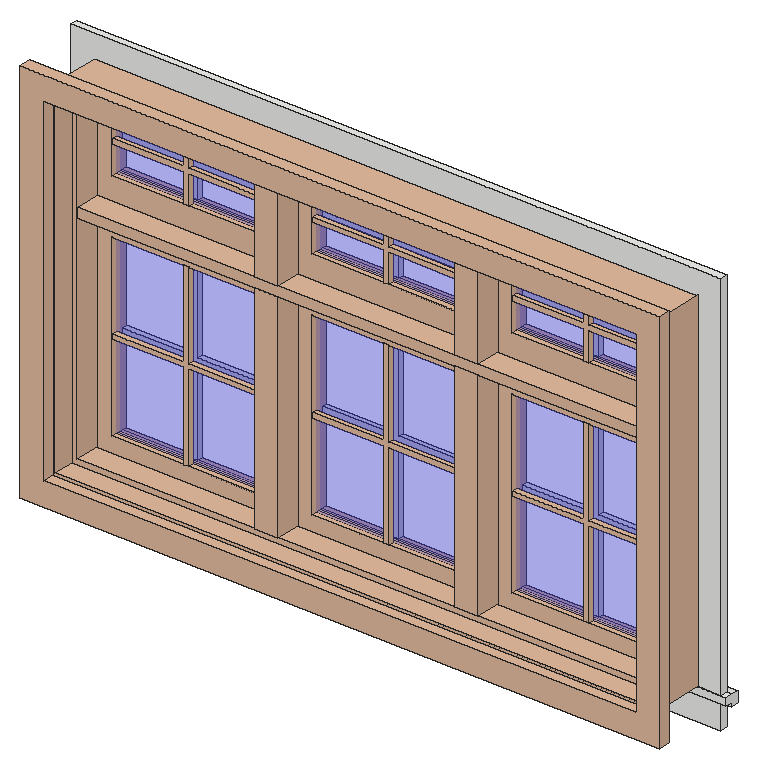
Revit family "M_Janela-batente-triplo-toldo-triplo", category Janelas, Revit 2019
Family settings
  Hospedeiro = Parede
  Número OmniClass = 23.30.20.17.21.14
  Título OmniClass = Casement Windows
  Sempre na vertical = Sim
  Corte com vazios quando carregada = Não
  Compartilhado = Não
  Ponto de cálculo do ambiente = Não
Parameters (values of type "1550 x 900mm")
  Janela aplicada [instance] = 0 mm
  Espessura da parede [instance] = 150 mm
  Visibilidade do montante lateral superior = yes
  Visibilidade do montante central superior = yes
  Um terceiro da largura = Largura / 3  # 516.667 mm
  Visual Light Transmittance = 0.81
  Altura da travessa = 300 mm
  Resistência térmica (R) = 0.319569 (m²·K)/W
  Solar Heat Gain Coefficient = 0.76
  Largura do caixilho = (Largura - 63.5 mm) / 3  # 495.5 mm
  Largura bruta = Largura + 15 mm  # 1565 mm
  Altura bruta = Altura + 15 mm  # 915 mm
  Altura da janela aberta = Altura - Altura da travessa  # 600 mm
  Extensão do quadro [instance] = if(Visibilidade da apara externa, Janela aplicada + 6.35 mm, 6.35 mm)  # 6.35 mm
  Visibilidade do montante lateral inferior = yes
  Visibilidade do montante central inferior = yes
  Padrão do montante = M_Padrão do montante_2x2 : M_Padrão do montante_2x2
  Fechamento da parede interior [instance] = 54.75 mm
  Visibilidade do recorte interior [instance] = yes
  Material da apara interior = Madeira – Manchada
  Recorte interior = M_Moldura-janela-interior-plana : Quadro
  Altura = 900 mm
  Material da moldura interior = Madeira – Manchada
  Coeficiente de transferência de calor (U) = 3.12929 W/(m²·K)
  Material do painel de vidro = Vidro
  Classificação de incêndio = "0.5h"
  Fechamento da parede externa [instance] = 31.75 mm
  Visibilidade da apara externa [instance] = yes
  Material da apara externa = Revestimento – Branco
  Apara externa = M_Recorte-Janela-Exterior-Plana : com peitoril
  Material da moldura exterior = Revestimento – Branco
  Visibilidade do umbral da extensão [instance] = and(Visibilidade do recorte interior, Espessura da parede - Janela aplicada > 95.25 mm)  # yes
  Umbral da extensão [instance] = if(Espessura da parede - Janela aplicada > 95.25 mm, Espessura da parede - Janela aplicada - 95.25 mm, 25.4 mm)  # 54.75 mm
  Altura-padrão do peitoril = 900 mm
  Fechamento da parede = Por hospedeiro
  Largura = 1550 mm
  Código de montagem = "B2020100"
  Construção analítica = "Vidraça dupla – residencial"
Reference planes
  plane 1 "Centro (Frente/Trás)": y = 0
  plane 2: z = 0
  plane 3 "Centro (Esquerda/Direita)": x = 0
  plane 4 "Esquerda": x = -775
  plane 5 "Direita": x = 775
  plane 6 "Peitoril": z = 900
  plane 7 "Superior": z = 1800
  plane 8 "Inset Face": y = 75
  plane 9 "Fechamento da parede": y = -20.25
  plane 10 "Face do caixilho": y = 87.7
  plane 11 "Exterior": y = 75
  plane 12: x = 762.3
  plane 13: x = -762.3
  plane 14: z = 1787.3
  plane 15: z = 912.7
  plane 16: x = 705.15
  plane 17: x = -705.15
  plane 18: z = 969.85
  plane 19: y = 55.95
  plane 20 "Vidro": y = 65.475
  plane 21: x = 266.8
  plane 22: x = -266.8
  plane 23: x = 247.75
  plane 24: x = -247.75
  plane 25 "Umbral": y = -20.25
  plane 26 "Interior": y = -75
  plane 27: y = 94.05
  plane 28: x = -287.31
  plane 29: x = -257.275
  plane 30: x = -227.24
  plane 31: x = 257.275
  plane 32: y = 94.05
  plane 33: z = 1487.3
  plane 34: z = 1512.7
  plane 35: z = 1200
  plane 36: x = 514.55
  plane 37: x = -514.55
  plane 38: x = -190.6
  plane 39: x = 190.6
  plane 40: x = 323.95
  plane 41: z = 1474.6
  plane 42: z = 1430.15
  plane 43: x = -323.95
  plane 44: y = -20.25
  plane 45: y = 43.25
  plane 46: z = 1730.15
  plane 47: z = 1569.85
  plane 48: z = 1500
  plane 49: y = 94.05
  plane 50: y = 43.25
Forms (mm)
  Sweep 1, solid, material "Madeira – Manchada" <- "Material da moldura interior"
    path origin (0, 87.7, 0) x (-1, 0, 0) y (0, 0, 1)
      loop
        line (-775, 900) -> (775, 900) -> (775, 1800) -> (-775, 1800) -> (-775, 900)
    profile origin (775, 87.7, 1350) x (1, 0, 0) y (0, 1, 0)
      loop
        line (0, 6.35) -> (-12.7, 6.35) -> (-12.7, -44.45) -> (-31.75, -44.45) -> (-31.75, -107.95) -> (0, -107.95) -> (0, 6.35)
  Extrusion 2, solid, material "Madeira – Manchada" <- "Material da moldura interior", visible <- "Visibilidade do umbral da extensão"
    sketch origin (0, 0, 0) x (1, 0, 0) y (0, 0, 1)
      loop
        line (775, 1800) -> (-775, 1800) -> (-775, 900) -> (775, 900) -> (775, 1800)
      loop
        line (755.95, 919.05) -> (755.95, 1780.95) -> (-755.95, 1780.95) -> (-755.95, 919.05) -> (755.95, 919.05)
    from 20.25 to 75
  Sweep 3, solid, material "Madeira – Manchada" <- "Material da moldura interior"
    path origin (0, 87.7, 0) x (-1, 0, 0) y (0, 0, 1)
      loop
        line (-762.3, 1487.3) -> (-762.3, 912.7) -> (-266.8, 912.7) -> (-266.8, 1487.3) -> (-762.3, 1487.3)
    profile origin (762.3, 87.7, 1200) x (0, 1, 0) y (-1, 0, 0)
      loop
        line (0, 0) -> (0, 57.15) -> (-44.45, 57.15) -> (-44.45, 0) -> (0, 0)
  Extrusion 4, solid, material "Vidro" <- "Material do painel de vidro"
    sketch origin (0, 0, 900) x (0, -1, 0) y (1, 0, 0)
      loop
        line (-75, 323.95) -> (-68.65, 323.95) -> (-68.65, 705.15) -> (-75, 705.15) -> (-75, 323.95)
      loop
        line (-55.95, 705.15) -> (-62.3, 705.15) -> (-62.3, 323.95) -> (-55.95, 323.95) -> (-55.95, 705.15)
    from 69.85 to 530.15
  Extrusion 5, solid, material "Vidro" <- "Material do painel de vidro"
    sketch origin (-701.675, 0, 900) x (0, -1, 0) y (1, 0, 0)
      loop
        line (-75, -3.475) -> (-68.65, -3.475) -> (-68.65, 377.725) -> (-75, 377.725) -> (-75, -3.475)
      loop
        line (-55.95, 377.725) -> (-62.3, 377.725) -> (-62.3, -3.475) -> (-55.95, -3.475) -> (-55.95, 377.725)
    from 69.85 to 530.15
  Extrusion 6, solid, material "Vidro" <- "Material do painel de vidro"
    sketch origin (-543.892, 0, 900) x (0, -1, 0) y (1, 0, 0)
      loop
        line (-75, 353.292) -> (-68.65, 353.292) -> (-68.65, 734.492) -> (-75, 734.492) -> (-75, 353.292)
      loop
        line (-55.95, 734.492) -> (-62.3, 734.492) -> (-62.3, 353.292) -> (-55.95, 353.292) -> (-55.95, 734.492)
    from 69.85 to 530.15
  Extrusion 7, solid, material "Madeira – Manchada" <- "Material da moldura interior"
    sketch origin (0, 0, 900) x (0, -1, 0) y (1, 0, 0)
      loop
        line (-94.05, -266.8) -> (-43.25, -266.8) -> (-43.25, -287.31) -> (20.25, -287.31) -> (20.25, -227.24) -> (-43.25, -227.24) -> (-43.25, -247.75) -> (-94.05, -247.75) -> (-94.05, -266.8)
      loop
        line (-94.05, 247.75) -> (-43.25, 247.75) -> (-43.25, 227.24) -> (20.25, 227.24) -> (20.25, 287.31) -> (-43.25, 287.31) -> (-43.25, 266.8) -> (-94.05, 266.8) -> (-94.05, 247.75)
    from 12.7 to 587.3
  Extrusion 8, void
    sketch origin (-1104.56, -20.25, 1219.2) x (1, 0, 0) y (0, 0, 1)
      loop
        line (817.25, 561.75) -> (817.25, 549.05) -> (877.321, 549.05) -> (877.321, 561.75) -> (817.25, 561.75)
      loop
        line (1331.8, 561.75) -> (1331.8, 549.05) -> (1391.871, 549.05) -> (1391.871, 561.75) -> (1331.8, 561.75)
      loop
        line (817.25, -287.45) -> (817.25, -306.5) -> (877.321, -306.5) -> (877.321, -287.45) -> (817.25, -287.45)
      loop
        line (1331.8, -287.45) -> (1331.8, -306.5) -> (1391.871, -306.5) -> (1391.871, -287.45) -> (1331.8, -287.45)
    from -76.2 to 0
  Extrusion 9, solid, material "Madeira – Manchada" <- "Material da moldura interior"
    sketch origin (0, 0, 900) x (0, -1, 0) y (1, 0, 0)
      loop
        line (20.25, 743.25) -> (-43.25, 743.25) -> (-43.25, 762.3) -> (-94.05, 762.3) -> (-94.05, -762.3) -> (-43.25, -762.3) -> (-43.25, -743.25) -> (20.25, -743.25) -> (20.25, 743.25)
    from 587.3 to 612.7
  Extrusion 10, solid, material "Vidro" <- "Material do painel de vidro"
    sketch origin (0, 0, 900) x (0, -1, 0) y (1, 0, 0)
      loop
        line (-75, 323.95) -> (-68.65, 323.95) -> (-68.65, 705.15) -> (-75, 705.15) -> (-75, 323.95)
      loop
        line (-62.3, 705.15) -> (-62.3, 323.95) -> (-55.95, 323.95) -> (-55.95, 705.15) -> (-62.3, 705.15)
    from 669.85 to 830.15
  Extrusion 11, solid, material "Madeira – Manchada" <- "Material da moldura interior"
    sketch origin (0, 0, 900) x (0, -1, 0) y (1, 0, 0)
      loop
        line (-94.05, -266.8) -> (-43.25, -266.8) -> (-43.25, -287.31) -> (20.25, -287.31) -> (20.25, -227.24) -> (-43.25, -227.24) -> (-43.25, -247.75) -> (-94.05, -247.75) -> (-94.05, -266.8)
      loop
        line (-94.05, 247.75) -> (-43.25, 247.75) -> (-43.25, 227.24) -> (20.25, 227.24) -> (20.25, 287.31) -> (-43.25, 287.31) -> (-43.25, 266.8) -> (-94.05, 266.8) -> (-94.05, 247.75)
    from 612.7 to 887.3
  Extrusion 12, void
    sketch origin (0, 0, 900) x (0, -1, 0) y (1, 0, 0)
      loop
        line (-43.25, 227.24) -> (20.25, 227.24) -> (20.25, 287.31) -> (-43.25, 287.31) -> (-43.25, 227.24)
      loop
        line (-43.25, -227.24) -> (-43.25, -287.31) -> (20.25, -287.31) -> (20.25, -227.24) -> (-43.25, -227.24)
    from 868.25 to 887.3
  Sweep 13, solid, material "Madeira – Manchada" <- "Material da moldura interior"
    path origin (0, 87.7, 0) x (-1, 0, 0) y (0, 0, 1)
      loop
        line (-762.3, 1787.3) -> (-762.3, 1512.7) -> (-266.8, 1512.7) -> (-266.8, 1787.3) -> (-762.3, 1787.3)
    profile origin (762.3, 87.7, 1650) x (0, 1, 0) y (-1, 0, 0)
      loop
        line (0, 0) -> (0, 57.15) -> (-44.45, 57.15) -> (-44.45, 0) -> (0, 0)
  Extrusion 14, solid, material "Vidro" <- "Material do painel de vidro"
    sketch origin (0, 0, 900) x (0, -1, 0) y (1, 0, 0)
      loop
        line (-75, -190.6) -> (-68.65, -190.6) -> (-68.65, 190.6) -> (-75, 190.6) -> (-75, -190.6)
      loop
        line (-62.3, 190.6) -> (-62.3, -190.6) -> (-55.95, -190.6) -> (-55.95, 190.6) -> (-62.3, 190.6)
    from 830.15 to 669.85
  Extrusion 15, solid, material "Vidro" <- "Material do painel de vidro"
    sketch origin (-1054.1, 0, 900) x (0, -1, 0) y (1, 0, 0)
      loop
        line (-75, 348.95) -> (-68.65, 348.95) -> (-68.65, 730.15) -> (-75, 730.15) -> (-75, 348.95)
      loop
        line (-62.3, 730.15) -> (-62.3, 348.95) -> (-55.95, 348.95) -> (-55.95, 730.15) -> (-62.3, 730.15)
    from 669.85 to 830.15
  Sweep 16, solid, material "Madeira – Manchada" <- "Material da moldura interior"
    path origin (0, 87.7, 0) x (-1, 0, 0) y (0, 0, 1)
      loop
        line (-247.75, 912.7) -> (247.75, 912.7) -> (247.75, 1487.3) -> (-247.75, 1487.3) -> (-247.75, 912.7)
    profile origin (247.75, 87.7, 1200) x (1, 0, 0) y (0, 1, 0)
      loop
        line (0, 0) -> (-57.15, 0) -> (-57.15, -44.45) -> (0, -44.45) -> (0, 0)
  Sweep 17, solid, material "Madeira – Manchada" <- "Material da moldura interior"
    path origin (0, 87.7, 0) x (-1, 0, 0) y (0, 0, 1)
      loop
        line (-247.75, 1787.3) -> (-247.75, 1512.7) -> (247.75, 1512.7) -> (247.75, 1787.3) -> (-247.75, 1787.3)
    profile origin (247.75, 87.7, 1650) x (0, 1, 0) y (-1, 0, 0)
      loop
        line (0, 57.15) -> (-44.45, 57.15) -> (-44.45, 0) -> (0, 0) -> (0, 57.15)
  Sweep 18, solid, material "Madeira – Manchada" <- "Material da moldura interior"
    path origin (0, 87.7, 0) x (-1, 0, 0) y (0, 0, 1)
      loop
        line (266.8, 912.7) -> (762.3, 912.7) -> (762.3, 1487.3) -> (266.8, 1487.3) -> (266.8, 912.7)
    profile origin (-266.8, 87.7, 1200) x (1, 0, 0) y (0, 1, 0)
      loop
        line (0, 0) -> (-57.15, 0) -> (-57.15, -44.45) -> (0, -44.45) -> (0, 0)
  Sweep 19, solid, material "Madeira – Manchada" <- "Material da moldura interior"
    path origin (0, 87.7, 0) x (-1, 0, 0) y (0, 0, 1)
      loop
        line (266.8, 1787.3) -> (266.8, 1512.7) -> (762.3, 1512.7) -> (762.3, 1787.3) -> (266.8, 1787.3)
    profile origin (-266.8, 87.7, 1650) x (0, 1, 0) y (-1, 0, 0)
      loop
        line (0, 0) -> (0, 57.15) -> (-44.45, 57.15) -> (-44.45, 0) -> (0, 0)
Cuts and joins
  Extrusion 8 cuts Extrusion 7
  Extrusion 12 cuts Extrusion 11
Lines and regions (mm)
  Opening 1
    outline origin (-1524, -75, 0) x (1, 0, 0) y (0, 0, 1)
      loop
        line (749, 1800) -> (749, 900) -> (2299, 900) -> (2299, 1800) -> (749, 1800)
  Split face 1
    outline origin (705.15, 87.7, 969.85) x (-1, 0, 0) y (0, -1, 0)
      loop
        line (381.2, 12.7) -> (0, 12.7)
  Split face 2
    outline origin (705.15, 87.7, 1430.15) x (0, 0, -1) y (0, -1, 0)
      loop
        line (0, 12.7) -> (460.3, 12.7)
  Split face 3
    outline origin (323.95, 87.7, 969.85) x (0, 0, 1) y (0, -1, 0)
      loop
        line (460.3, 12.7) -> (0, 12.7)
  Split face 4
    outline origin (323.95, 87.7, 1430.15) x (0, -1, 0) y (1, 0, 0)
      loop
        line (12.7, 0) -> (12.7, 381.2)
  Split face 5
    outline origin (0, 0, 1512.7) x (0, -1, 0) y (1, 0, 0)
      loop
        line (-75, 762.3) -> (-75, -762.3)
  Split face 6
    outline origin (-762.3, 43.25, 1787.3) x (0, 0, -1) y (0, 1, 0)
      loop
        line (0, 31.75) -> (874.6, 31.75)
  Split face 7
    outline origin (762.3, 43.25, 912.7) x (0, 0, 1) y (0, 1, 0)
      loop
        line (874.6, 31.75) -> (0, 31.75)
  Split face 8
    outline origin (247.75, 94.05, 1787.3) x (0, 0, -1) y (0, -1, 0)
      loop
        line (0, 6.35) -> (274.6, 6.35)
  Split face 9
    outline origin (-266.8, 94.05, 1787.3) x (0, 0, -1) y (0, -1, 0)
      loop
        line (0, 6.35) -> (274.6, 6.35)
  Split face 10
    outline origin (190.6, 43.25, 969.85) x (0, 0, 1) y (0, 1, 0)
      loop
        line (460.3, 31.75) -> (0, 31.75)
  Split face 11
    outline origin (190.6, 43.25, 1430.15) x (0, 1, 0) y (-1, 0, 0)
      loop
        line (31.75, 381.2) -> (31.75, 0)
  Split face 12
    outline origin (-323.95, 43.25, 1430.15) x (0, 1, 0) y (-1, 0, 0)
      loop
        line (31.75, 381.2) -> (31.75, 0)
  Split face 13
    outline origin (-323.95, 43.25, 969.85) x (0, 0, 1) y (0, 1, 0)
      loop
        line (460.3, 31.75) -> (0, 31.75)
  Split face 14
    outline origin (-705.15, 43.25, 1430.15) x (0, 0, -1) y (0, 1, 0)
      loop
        line (460.3, 31.75) -> (0, 31.75)
  Split face 15
    outline origin (-190.6, 43.25, 969.85) x (1, 0, 0) y (0, 1, 0)
      loop
        line (0, 31.75) -> (381.2, 31.75)
  Split face 16
    outline origin (-190.6, 43.25, 1430.15) x (0, 0, -1) y (0, 1, 0)
      loop
        line (460.3, 31.75) -> (0, 31.75)
  Split face 17
    outline origin (-705.15, 43.25, 969.85) x (1, 0, 0) y (0, 1, 0)
      loop
        line (0, 31.75) -> (381.2, 31.75)
  Split face 18
    outline origin (0, 0, 1487.3) x (0, -1, 0) y (1, 0, 0)
      loop
        line (-87.7, -762.3) -> (-87.7, 762.3)
  Split face 19
    outline origin (705.15, 87.7, 1730.15) x (0, 0, -1) y (0, -1, 0)
      loop
        line (0, 12.7) -> (160.3, 12.7)
  Split face 20
    outline origin (705.15, 87.7, 1569.85) x (-1, 0, 0) y (0, -1, 0)
      loop
        line (381.2, 12.7) -> (0, 12.7)
  Split face 21
    outline origin (323.95, 87.7, 1569.85) x (0, 0, 1) y (0, -1, 0)
      loop
        line (160.3, 12.7) -> (0, 12.7)
  Split face 22
    outline origin (323.95, 87.7, 1730.15) x (0, -1, 0) y (1, 0, 0)
      loop
        line (12.7, 0) -> (12.7, 381.2)
  Split face 23
    outline origin (-705.15, 87.7, 1569.85) x (0, 0, 1) y (0, -1, 0)
      loop
        line (160.3, 12.7) -> (0, 12.7)
  Split face 24
    outline origin (-323.95, 87.7, 1569.85) x (-1, 0, 0) y (0, -1, 0)
      loop
        line (381.2, 12.7) -> (0, 12.7)
  Split face 25
    outline origin (-323.95, 87.7, 1730.15) x (0, 0, -1) y (0, -1, 0)
      loop
        line (0, 12.7) -> (160.3, 12.7)
  Split face 26
    outline origin (-705.15, 87.7, 1730.15) x (0, -1, 0) y (1, 0, 0)
      loop
        line (12.7, 0) -> (12.7, 381.2)
  Split face 27
    outline origin (266.8, 43.25, 1787.3) x (0, 0, -1) y (0, 1, 0)
      loop
        line (0, 44.45) -> (274.6, 44.45)
  Split face 28
    outline origin (-247.75, 43.25, 1787.3) x (0, 0, -1) y (0, 1, 0)
      loop
        line (0, 44.45) -> (274.6, 44.45)
  Split face 29
    outline origin (190.6, 87.7, 1569.85) x (-1, 0, 0) y (0, -1, 0)
      loop
        line (381.2, 12.7) -> (0, 12.7)
  Split face 30
    outline origin (-190.6, 87.7, 1569.85) x (0, 0, 1) y (0, -1, 0)
      loop
        line (160.3, 12.7) -> (0, 12.7)
  Split face 31
    outline origin (-190.6, 87.7, 1730.15) x (0, -1, 0) y (1, 0, 0)
      loop
        line (12.7, 0) -> (12.7, 381.2)
  Split face 32
    outline origin (190.6, 87.7, 1730.15) x (0, 0, -1) y (0, -1, 0)
      loop
        line (0, 12.7) -> (160.3, 12.7)
  symbolic lines, style "Giro da elevação"
    curve 1: line (266.8, 0, 1487.3) -> (762.3, 0, 1200)
    curve 2: line (762.3, 0, 1200) -> (266.8, 0, 912.7)
    curve 3: line (-266.8, 0, 1487.3) -> (-762.3, 0, 1200)
    curve 4: line (-762.3, 0, 1200) -> (-266.8, 0, 912.7)
    curve 5: line (762.3, 0, 1512.7) -> (514.55, 0, 1787.3)
    curve 6: line (514.55, 0, 1787.3) -> (266.8, 0, 1512.7)
    curve 7: line (247.75, 0, 1512.7) -> (0, 0, 1787.3)
    curve 8: line (0, 0, 1787.3) -> (-247.75, 0, 1512.7)
    curve 9: line (-266.8, 0, 1512.7) -> (-514.55, 0, 1787.3)
    curve 10: line (-514.55, 0, 1787.3) -> (-762.3, 0, 1512.7)
Text (mm)
  text "EXTERIOR" at (-1490.695, 1293.036, 0), in view "Nível de referência"
  text "INTERIOR" at (-1490.695, -959.266, 0), in view "Nível de referência"
  text "Exterior" at (0, 1108.87, 3129.179), in view "Esquerda"
  text "Exterior" at (0, 464.664, 3176.206), in view "Direita"
Dimensions and locks
  equal spacing: plane 4 "Esquerda", plane 3 "Centro (Esquerda/Direita)", plane 5 "Direita"
  "Largura": plane 4 "Esquerda" to plane 5 "Direita"
  "Altura": plane 6 "Peitoril" to plane 7 "Superior"
  "Altura-padrão do peitoril": plane 2 to plane 6 "Peitoril"
  locked: plane 10 "Face do caixilho" to plane 8 "Inset Face" at 12.7
  "Espessura da parede": host wall to host wall
  "Janela aplicada": plane 11 "Exterior" to plane 8 "Inset Face"
  locked: Sweep 1 sketch curve to plane 5 "Direita" at 31.75
  locked: Sweep 1 sketch curve to plane 5 "Direita" at 12.7
  locked: plane 10 "Face do caixilho" to Sweep 1 sketch curve at 44.45
  locked: plane 12 to plane 5 "Direita" at 12.7
  locked: plane 4 "Esquerda" to plane 13 at 12.7
  locked: plane 14 to plane 7 "Superior" at 12.7
  locked: plane 6 "Peitoril" to plane 15 at 12.7
  locked: plane 16 to plane 12 at 57.15
  locked: plane 13 to plane 17 at 57.15
  locked: plane 15 to plane 18 at 57.15
  locked: Extrusion 2 sketch curve to plane 7 "Superior" at 19.05
  locked: Extrusion 2 sketch curve to plane 5 "Direita" at 19.05
  locked: Extrusion 2 sketch curve to plane 4 "Esquerda" at 19.05
  locked: plane 6 "Peitoril" to Extrusion 2 sketch curve at 19.05
  plane 13 to plane 12 = 1524.6 mm
  plane 19 to Sweep 3 = 12.7 mm
  equal spacing: plane 8 "Inset Face", plane 20 "Vidro", plane 19
  locked: plane 8 "Inset Face" to plane 19 at 19.05
  plane 23 to plane 21 = 19.05 mm  (x2)
  plane 24 to plane 22 = 19.05 mm
  "Largura do caixilho": plane 21 to plane 12
  "Largura do caixilho": plane 13 to plane 22
  "Umbral da extensão": plane 25 "Umbral" to plane 26 "Interior"
  locked: plane 27 to plane 10 "Face do caixilho" at 6.35
  equal spacing: plane 28, plane 29, plane 30
  plane 28 to plane 30 = 60.07 mm
  equal spacing: plane 22, plane 29, plane 24
  equal spacing: plane 23, plane 31, plane 21
  locked: plane 32 to plane 11 "Exterior" at 19.05
  locked: plane 8 "Inset Face" to plane 9 "Fechamento da parede" at 95.25
  locked: plane 33 to plane 34 at 25.4
  equal spacing: plane 15, plane 35, plane 33
  Extrusion 12 to cut or joined group of Extrusion 7, Extrusion 8 = 454.48 mm
  equal spacing: plane 21, plane 36, plane 12
  equal spacing: plane 24, plane 3 "Centro (Esquerda/Direita)", plane 23
  equal spacing: plane 13, plane 37, plane 22
  locked: Sweep 18 sketch curve to plane 22 at 57.15
  locked: plane 24 to plane 38 at 57.15
  locked: plane 39 to plane 23 at 57.15
  locked: plane 21 to plane 40 at 57.15
  locked: plane 33 to plane 41 at 12.7
  locked: plane 42 to plane 41 at 44.45
  locked: plane 28 to plane 43 at 36.64
  "Fechamento da parede interior": plane 44 to plane 26 "Interior"
  "Fechamento da parede externa": plane 11 "Exterior" to plane 45
  locked: plane 47 to plane 34 at 57.15
  locked: plane 14 to plane 46 at 57.15
  equal spacing: plane 33, plane 48, plane 34
  "Altura da travessa": plane 48 to plane 7 "Superior"
  "Extensão do quadro": plane 49 to plane 10 "Face do caixilho"
  locked: plane 10 "Face do caixilho" to plane 50 at 44.45
  aligned and locked: plane 7 "Superior" to Opening 1 sketch curve
  aligned and locked: plane 6 "Peitoril" to Opening 1 sketch curve  (x2)
  aligned and locked: plane 5 "Direita" to Opening 1 sketch curve
  aligned and locked: plane 4 "Esquerda" to Opening 1 sketch curve
  aligned and locked: level to plane 2
  aligned and locked: host wall to plane 11 "Exterior"
  aligned and locked: plane 5 "Direita" to Sweep 1 sketch curve
  aligned and locked: plane 7 "Superior" to Sweep 1 sketch curve
  aligned and locked: Sweep 1 sketch curve to plane 4 "Esquerda"
  aligned and locked: Sweep 1 sketch curve to plane 6 "Peitoril"
  aligned and locked: Extrusion 2 sketch curve to host wall  (x3)
  aligned and locked: plane 7 "Superior" to Extrusion 2 sketch curve
  aligned and locked: host wall to Extrusion 2
  aligned and locked: Sweep 3 sketch curve to plane 12
  aligned and locked: Sweep 3 sketch curve to plane 15
  aligned and locked: plane 16 to Sweep 3 sketch curve
  aligned and locked: Sweep 3 sketch curve to plane 10 "Face do caixilho"
  aligned and locked: Split face 1 sketch curve to plane 8 "Inset Face"
  aligned and locked: plane 8 "Inset Face" to Split face 2 sketch curve
  aligned and locked: plane 8 "Inset Face" to Split face 3 sketch curve
  aligned and locked: Split face 4 sketch curve to plane 8 "Inset Face"
  aligned and locked: Extrusion 4 sketch curve to plane 8 "Inset Face"
  aligned and locked: plane 16 to Extrusion 4 sketch curve
  aligned and locked: Sweep 3 to Extrusion 4 sketch curve
  aligned and locked: Extrusion 4 sketch curve to plane 19
  aligned and locked: Extrusion 4 sketch curve to plane 16
  aligned and locked: Extrusion 4 sketch curve to Sweep 3
  aligned and locked: Extrusion 4 to plane 18
  aligned and locked: Extrusion 5 sketch curve to plane 8 "Inset Face"
  aligned and locked: plane 19 to Extrusion 5 sketch curve
  aligned and locked: Extrusion 5 sketch curve to plane 17  (x2)
  aligned and locked: plane 15 to curve 2
  aligned and locked: plane 15 to curve 4
  aligned and locked: plane 21 to Sweep 3 sketch curve
  aligned and locked: Extrusion 6 to plane 18
  aligned and locked: Sweep 3 to curve 2  (x2)
  aligned and locked: Extrusion 6 sketch curve to plane 8 "Inset Face"
  aligned and locked: plane 19 to Extrusion 6 sketch curve
  aligned and locked: nested 3 to host wall
  aligned and locked: plane 3 "Centro (Esquerda/Direita)" to nested 3
  aligned and locked: nested 4 to host wall
  aligned and locked: nested 4 to plane 4 "Esquerda"
  aligned and locked: Extrusion 2 to plane 25 "Umbral"
  aligned and locked: plane 26 "Interior" to host wall
  aligned and locked: plane 9 "Fechamento da parede" to Sweep 1
  aligned and locked: plane 22 to Extrusion 7 sketch curve
  aligned and locked: plane 24 to Extrusion 7 sketch curve
  aligned and locked: Extrusion 7 sketch curve to plane 28
  aligned and locked: Extrusion 7 sketch curve to plane 30
  aligned and locked: plane 23 to Extrusion 7 sketch curve
  aligned and locked: Extrusion 7 sketch curve to plane 21
  aligned and locked: Extrusion 2 to Extrusion 8 sketch curve  (x2)
  aligned and locked: plane 28 to Extrusion 8 sketch curve  (x2)
  aligned and locked: Extrusion 8 sketch curve to Sweep 1  (x4)
  aligned and locked: plane 30 to Extrusion 8 sketch curve  (x2)
  aligned and locked: Extrusion 7 to Extrusion 8 sketch curve
  aligned and locked: Extrusion 8 sketch curve to Extrusion 7  (x3)
  aligned and locked: Extrusion 8 to plane 9 "Fechamento da parede"
  aligned and locked: Extrusion 8 sketch curve to plane 15  (x2)
  aligned and locked: plane 33 to Sweep 3 sketch curve
  aligned and locked: Extrusion 4 to Sweep 3
  aligned and locked: Extrusion 6 to Sweep 3
  aligned and locked: Extrusion 5 to Sweep 3
  aligned and locked: plane 34 to Extrusion 9
  aligned and locked: Extrusion 9 to plane 33
  aligned and locked: Extrusion 9 sketch curve to plane 13
  aligned and locked: plane 12 to Extrusion 9 sketch curve
  aligned and locked: Extrusion 10 sketch curve to plane 19
  aligned and locked: Extrusion 10 sketch curve to plane 8 "Inset Face"
  aligned and locked: plane 8 "Inset Face" to Split face 5 sketch curve
  aligned and locked: plane 12 to Split face 5 sketch curve
  aligned and locked: plane 13 to Split face 5 sketch curve
  aligned and locked: plane 8 "Inset Face" to Split face 6 sketch curve
  aligned and locked: plane 15 to Split face 6 sketch curve
  aligned and locked: plane 14 to Split face 6 sketch curve
  aligned and locked: plane 8 "Inset Face" to Split face 7 sketch curve
  aligned and locked: plane 15 to Split face 7 sketch curve
  aligned and locked: plane 14 to Split face 7 sketch curve
  aligned and locked: nested 2 to plane 18
  aligned and locked: plane 18 to nested 1
  aligned and locked: cut or joined group of Extrusion 7, Extrusion 8 to curve 1
  aligned and locked: Extrusion 11 sketch curve to plane 28
  aligned and locked: Extrusion 11 sketch curve to plane 30
  aligned and locked: plane 22 to Extrusion 11 sketch curve
  aligned and locked: plane 24 to Extrusion 11 sketch curve
  aligned and locked: Sweep 1 to Extrusion 11 sketch curve  (x3)
  aligned and locked: plane 23 to Extrusion 11 sketch curve
  aligned and locked: Extrusion 11 sketch curve to plane 21
  aligned and locked: cut or joined group of Extrusion 7, Extrusion 8 to Extrusion 11 sketch curve
  aligned and locked: Extrusion 11 sketch curve to cut or joined group of Extrusion 7, Extrusion 8
  aligned and locked: Extrusion 11 to plane 34
  aligned and locked: Extrusion 11 to Sweep 1
  aligned and locked: Sweep 1 to Extrusion 12 sketch curve  (x2)
  aligned and locked: Extrusion 12 sketch curve to plane 9 "Fechamento da parede"
  aligned and locked: Extrusion 12 sketch curve to plane 28
  aligned and locked: Extrusion 12 sketch curve to plane 30
  aligned and locked: Extrusion 12 sketch curve to cut or joined group of Extrusion 7, Extrusion 8  (x2)
  aligned and locked: Extrusion 12 to Sweep 1
  aligned and locked: Sweep 1 to Extrusion 12
  aligned and locked: Sweep 13 sketch curve to cut or joined group of Extrusion 11, Extrusion 12
  aligned and locked: plane 14 to Sweep 13 sketch curve
  aligned and locked: Sweep 13 sketch curve to plane 12
  aligned and locked: Sweep 13 sketch curve to plane 34
  aligned and locked: Sweep 13 sketch curve to Sweep 3  (x4)
  aligned and locked: plane 16 to Extrusion 10 sketch curve
  aligned and locked: Extrusion 10 sketch curve to plane 16
  aligned and locked: Sweep 3 to Extrusion 10 sketch curve
  aligned and locked: Extrusion 10 sketch curve to Sweep 3
  aligned and locked: Extrusion 10 to Sweep 13  (x2)
  aligned and locked: Extrusion 14 sketch curve to plane 19
  aligned and locked: Extrusion 14 sketch curve to plane 8 "Inset Face"
  aligned and locked: Extrusion 15 sketch curve to plane 17
  aligned and locked: plane 17 to Extrusion 15 sketch curve
  aligned and locked: plane 33 to cut or joined group of Extrusion 7, Extrusion 8
  aligned and locked: plane 23 to Sweep 16 sketch curve
  aligned and locked: plane 15 to Sweep 16 sketch curve
  aligned and locked: plane 24 to Sweep 16 sketch curve
  aligned and locked: cut or joined group of Extrusion 7, Extrusion 8 to Sweep 16 sketch curve
  aligned and locked: profile plane to Sweep 16 sketch curve
  aligned and locked: Sweep 16 sketch curve to profile plane
  aligned and locked: Sweep 16 sketch curve to Sweep 1
  aligned and locked: Sweep 17 sketch curve to cut or joined group of Extrusion 11, Extrusion 12  (x4)
  aligned and locked: Sweep 16 to Extrusion 6 sketch curve  (x4)
  aligned and locked: Sweep 18 sketch curve to cut or joined group of Extrusion 7, Extrusion 8
  aligned and locked: Sweep 18 sketch curve to plane 33
  aligned and locked: Sweep 18 sketch curve to plane 13
  aligned and locked: plane 15 to Sweep 18 sketch curve
  aligned and locked: plane 14 to Sweep 19 sketch curve
  aligned and locked: plane 13 to Sweep 19 sketch curve
  aligned and locked: Sweep 19 sketch curve to plane 34
  aligned and locked: Sweep 19 sketch curve to plane 22
  aligned and locked: Sweep 19 sketch curve to Sweep 18  (x4)
  aligned and locked: Extrusion 15 to Sweep 19  (x2)
  aligned and locked: plane 10 "Face do caixilho" to Split face 8 sketch curve
  aligned and locked: plane 10 "Face do caixilho" to Split face 9 sketch curve
  aligned and locked: plane 8 "Inset Face" to Split face 10 sketch curve
  aligned and locked: Split face 11 sketch curve to plane 8 "Inset Face"
  aligned and locked: Split face 12 sketch curve to plane 8 "Inset Face"
  aligned and locked: plane 8 "Inset Face" to Split face 13 sketch curve
  aligned and locked: Split face 14 sketch curve to plane 8 "Inset Face"
  aligned and locked: Split face 15 sketch curve to plane 8 "Inset Face"
  aligned and locked: Split face 16 sketch curve to plane 8 "Inset Face"
  aligned and locked: Split face 17 sketch curve to plane 8 "Inset Face"
  aligned and locked: Split face 18 sketch curve to plane 10 "Face do caixilho"
  aligned and locked: plane 8 "Inset Face" to Split face 19 sketch curve
  aligned and locked: Split face 20 sketch curve to plane 8 "Inset Face"
  aligned and locked: plane 8 "Inset Face" to Split face 21 sketch curve
  aligned and locked: Split face 22 sketch curve to plane 8 "Inset Face"
  aligned and locked: plane 8 "Inset Face" to Split face 23 sketch curve
  aligned and locked: Split face 24 sketch curve to plane 8 "Inset Face"
  aligned and locked: plane 8 "Inset Face" to Split face 25 sketch curve
  aligned and locked: Split face 26 sketch curve to plane 8 "Inset Face"
  aligned and locked: plane 10 "Face do caixilho" to Split face 27 sketch curve
  aligned and locked: plane 10 "Face do caixilho" to Split face 28 sketch curve
  aligned and locked: Sweep 16 to Sweep 17 sketch curve
  aligned and locked: Sweep 17 sketch curve to plane 39
  aligned and locked: plane 23 to Sweep 17 sketch curve
  aligned and locked: Extrusion 14 to Extrusion 10
  aligned and locked: plane 39 to Extrusion 14 sketch curve
  aligned and locked: Extrusion 14 sketch curve to plane 39
  aligned and locked: Extrusion 14 sketch curve to plane 38
  aligned and locked: plane 38 to Extrusion 14 sketch curve
  aligned and locked: plane 39 to Sweep 16 sketch curve
  aligned and locked: Extrusion 14 to Sweep 17
  aligned and locked: profile plane to plane 23
  aligned and locked: Split face 29 sketch curve to plane 8 "Inset Face"
  aligned and locked: plane 8 "Inset Face" to Split face 30 sketch curve
  aligned and locked: Split face 31 sketch curve to plane 8 "Inset Face"
  aligned and locked: plane 8 "Inset Face" to Split face 32 sketch curve
  aligned and locked: Extrusion 15 sketch curve to plane 8 "Inset Face"
  aligned and locked: Extrusion 11 sketch curve to plane 27  (x2)
  aligned and locked: Extrusion 9 sketch curve to plane 27
  aligned and locked: Extrusion 7 sketch curve to plane 9 "Fechamento da parede"  (x2)
  aligned and locked: plane 19 to Extrusion 8
  aligned and locked: nested 5 to plane 5 "Direita"
  aligned and locked: nested 5 to plane 11 "Exterior"
  aligned and locked: nested 6 to plane 7 "Superior"
  aligned and locked: plane 6 "Peitoril" to nested 4
  aligned and locked: plane 6 "Peitoril" to nested 3
  aligned and locked: plane 6 "Peitoril" to nested 5
  aligned and locked: plane 3 "Centro (Esquerda/Direita)" to nested 6
  aligned and locked: nested 6 to plane 11 "Exterior"
  aligned and locked: nested 1 to plane 20 "Vidro"
  aligned and locked: plane 20 "Vidro" to nested 2
  aligned and locked: nested 2 to plane 16
  aligned and locked: plane 40 to nested 2
  aligned and locked: nested 1 to plane 43
  aligned and locked: nested 1 to plane 17
  aligned and locked: plane 7 "Superior" to nested 7
  aligned and locked: nested 7 to plane 3 "Centro (Esquerda/Direita)"
  aligned and locked: nested 2 to plane 42
  aligned and locked: plane 42 to nested 1
  aligned and locked: plane 3 "Centro (Esquerda/Direita)" to nested 8
  aligned and locked: plane 7 "Superior" to nested 8
  aligned and locked: nested 9 to plane 42
  aligned and locked: nested 9 to plane 18
  aligned and locked: plane 38 to nested 9
  aligned and locked: nested 9 to plane 39
  aligned and locked: plane 20 "Vidro" to nested 9
  aligned and locked: plane 47 to nested 10
  aligned and locked: plane 47 to nested 11
  aligned and locked: plane 46 to nested 10
  aligned and locked: plane 46 to nested 11
  aligned and locked: plane 38 to nested 10
  aligned and locked: nested 10 to plane 39
  aligned and locked: plane 40 to nested 11
  aligned and locked: nested 11 to plane 16
  aligned and locked: nested 12 to plane 43
  aligned and locked: nested 12 to plane 17
  aligned and locked: plane 47 to nested 12
  aligned and locked: plane 46 to nested 12
  aligned and locked: nested 12 to plane 20 "Vidro"
  aligned and locked: nested 10 to plane 20 "Vidro"
  aligned and locked: nested 11 to plane 20 "Vidro"
  aligned and locked: Sweep 1 sketch curve to plane 49
  aligned and locked: Extrusion 7 sketch curve to plane 50  (x4)
  aligned and locked: Extrusion 7 sketch curve to plane 27
  aligned and locked: plane 27 to Extrusion 7 sketch curve
Automatic sketch dimensions
  Sweep 1 sketch curve to profile plane = 0 mm
  Sweep 1 sketch curve to Sweep 1 sketch curve = 63.5 mm
  Sweep 3 sketch curve to profile plane = 0 mm
  Sweep 3 sketch curve to plane 10 "Face do caixilho" = 44.45 mm
  Split face 1 sketch curve to Sweep 3 = 0 mm  (x2)
  Sweep 3 to Split face 2 sketch curve = 0 mm
  Split face 2 sketch curve to Sweep 3 = 0 mm
  Split face 3 sketch curve to Sweep 3 = 0 mm
  Sweep 3 to Split face 3 sketch curve = 0 mm
  Split face 4 sketch curve to Sweep 3 = 0 mm  (x2)
  plane 20 "Vidro" to Extrusion 4 sketch curve = 3.175 mm
  Extrusion 4 sketch curve to plane 20 "Vidro" = 3.175 mm
  plane 20 "Vidro" to Extrusion 5 sketch curve = 3.175 mm
  Extrusion 5 sketch curve to plane 20 "Vidro" = 3.175 mm
  plane 20 "Vidro" to Extrusion 6 sketch curve = 3.175 mm
  Extrusion 6 sketch curve to plane 20 "Vidro" = 3.175 mm
  Extrusion 9 sketch curve to plane 9 "Fechamento da parede" = 0 mm
  Extrusion 9 sketch curve to plane 19 = 12.7 mm  (x2)
  Extrusion 9 sketch curve to Extrusion 9 sketch curve = 19.05 mm
  plane 12 to Extrusion 9 sketch curve = 19.05 mm
  plane 20 "Vidro" to Extrusion 10 sketch curve = 3.175 mm
  Extrusion 10 sketch curve to plane 20 "Vidro" = 3.175 mm
  Extrusion 11 sketch curve to plane 9 "Fechamento da parede" = 0 mm
  Extrusion 11 sketch curve to plane 19 = 12.7 mm  (x2)
  Extrusion 15 sketch curve to plane 19 = 0 mm
  plane 20 "Vidro" to Extrusion 15 sketch curve = 3.175 mm
  Extrusion 15 sketch curve to plane 20 "Vidro" = 3.175 mm
  Extrusion 15 sketch curve to plane 28 = 36.64 mm
  Extrusion 15 sketch curve to Extrusion 15 sketch curve = 0 mm
  plane 13 to curve 10 = 0 mm
  curve 9 to plane 14 = 0 mm
  plane 37 to curve 9 = 0 mm
  plane 22 to curve 9 = 0 mm
  plane 22 to curve 4 = 0 mm
  curve 8 to plane 24 = 0 mm
  curve 7 to plane 3 "Centro (Esquerda/Direita)" = 0 mm
  plane 23 to curve 7 = 0 mm
  plane 21 to curve 6 = 0 mm
  curve 6 to plane 14 = 0 mm
  plane 36 to curve 6 = 0 mm
  plane 12 to curve 5 = 0 mm
  curve 2 to plane 35 = 0 mm
  curve 4 to plane 35 = 0 mm
  curve 3 to plane 33 = 0 mm
  curve 1 to plane 33 = 0 mm
  curve 5 to plane 34 = 0 mm
  curve 9 to plane 34 = 0 mm
  curve 10 to plane 34 = 0 mm
  curve 6 to plane 34 = 0 mm
  curve 7 to plane 34 = 0 mm
  curve 8 to plane 34 = 0 mm
  curve 7 to plane 14 = 0 mm
  plane 13 to curve 3 = 0 mm
  plane 22 to curve 3 = 0 mm
  Extrusion 12 sketch curve to plane 19 = 12.7 mm
  Extrusion 5 sketch curve to plane 28 = 36.64 mm
  Extrusion 5 sketch curve to Extrusion 5 sketch curve = 0 mm
  Sweep 18 sketch curve to plane 10 "Face do caixilho" = 0 mm
  Sweep 18 sketch curve to profile plane = 0 mm
  Sweep 18 sketch curve to plane 10 "Face do caixilho" = 44.45 mm
  Split face 8 sketch curve to cut or joined group of Extrusion 11, Extrusion 12 = 0 mm
  cut or joined group of Extrusion 11, Extrusion 12 to Split face 8 sketch curve = 0 mm
  Split face 9 sketch curve to cut or joined group of Extrusion 11, Extrusion 12 = 0 mm
  cut or joined group of Extrusion 11, Extrusion 12 to Split face 9 sketch curve = 0 mm
  Split face 10 sketch curve to Sweep 16 = 0 mm
  Sweep 16 to Split face 10 sketch curve = 0 mm
  Split face 11 sketch curve to Sweep 16 = 0 mm  (x2)
  Split face 12 sketch curve to Sweep 18 = 0 mm  (x2)
  Split face 13 sketch curve to Sweep 18 = 0 mm
  Sweep 18 to Split face 13 sketch curve = 0 mm
  Sweep 18 to Split face 14 sketch curve = 0 mm
  Split face 14 sketch curve to Sweep 18 = 0 mm
  Split face 15 sketch curve to Sweep 16 = 0 mm  (x2)
  Sweep 16 to Split face 16 sketch curve = 0 mm
  Split face 16 sketch curve to Sweep 16 = 0 mm
  Split face 17 sketch curve to Sweep 18 = 0 mm  (x2)
  Split face 18 sketch curve to Extrusion 9 = 0 mm  (x2)
  Sweep 13 to Split face 19 sketch curve = 0 mm
  Split face 19 sketch curve to Sweep 13 = 0 mm
  Split face 20 sketch curve to Sweep 13 = 0 mm  (x2)
  Split face 21 sketch curve to Sweep 13 = 0 mm
  Sweep 13 to Split face 21 sketch curve = 0 mm
  Split face 22 sketch curve to Sweep 13 = 0 mm  (x2)
  Split face 23 sketch curve to Sweep 19 = 0 mm
  Sweep 19 to Split face 23 sketch curve = 0 mm
  Split face 24 sketch curve to Sweep 19 = 0 mm  (x2)
  Sweep 19 to Split face 25 sketch curve = 0 mm
  Split face 25 sketch curve to Sweep 19 = 0 mm
  Split face 26 sketch curve to Sweep 19 = 0 mm  (x2)
  Split face 27 sketch curve to cut or joined group of Extrusion 11, Extrusion 12 = 0 mm
  cut or joined group of Extrusion 11, Extrusion 12 to Split face 27 sketch curve = 0 mm
  Split face 28 sketch curve to cut or joined group of Extrusion 11, Extrusion 12 = 0 mm
  cut or joined group of Extrusion 11, Extrusion 12 to Split face 28 sketch curve = 0 mm
  Sweep 17 sketch curve to plane 10 "Face do caixilho" = 0 mm
  Split face 29 sketch curve to Sweep 17 = 0 mm  (x2)
  Split face 30 sketch curve to Sweep 17 = 0 mm
  Sweep 17 to Split face 30 sketch curve = 0 mm
  Split face 31 sketch curve to Sweep 17 = 0 mm  (x2)
  Sweep 17 to Split face 32 sketch curve = 0 mm
  Split face 32 sketch curve to Sweep 17 = 0 mm
  plane 20 "Vidro" to Extrusion 14 sketch curve = 3.175 mm
  Extrusion 14 sketch curve to plane 20 "Vidro" = 3.175 mm
  Extrusion 7 sketch curve to Extrusion 7 sketch curve = 20.51 mm
  Extrusion 7 sketch curve to plane 21 = 20.51 mm
Nested families
  nested 1: "M_Padrão do montante_2x2" at (-514.55, 65.475, 969.85), Material interior <- "Material da moldura interior", Material externo <- "Material da moldura exterior", visible <- "Visibilidade do montante lateral inferior", type <- "Padrão do montante", type "M_Padrão do montante_2x2"
    with Largura 381.2 mm, Material interior Madeira – Manchada, Altura 460.3 mm, Material externo Revestimento – Branco
  nested 2: "M_Padrão do montante_2x2" at (514.55, 65.475, 969.85) x (-1, 0, 0) z (0, 0, 1), Material interior <- "Material da moldura interior", Material externo <- "Material da moldura exterior", visible <- "Visibilidade do montante lateral inferior", type <- "Padrão do montante", type "M_Padrão do montante_2x2"
    with Largura 381.2 mm, Material interior Madeira – Manchada, Altura 460.3 mm, Material externo Revestimento – Branco
  nested 3: "M_Plano-Batente" at (0, 75, 900), Largura <- "Um terceiro da largura", Janela aplicada <- "Janela aplicada", Altura <- "Altura da janela aberta", Espessura da parede <- "Espessura da parede", type "M_Plano-Batente"
    with Janela aplicada de 3D 0 mm, Janela aplicada 0 mm, Largura 516.667 mm, Espessura da parede 150 mm, Linha superior no, Linha à direita no, RH no, Linha à esquerda no, LH no, Altura 600 mm, Linha inferior yes
  nested 4: "M_Plano-Batente" at (-516.667, 75, 900), Largura <- "Um terceiro da largura", Janela aplicada <- "Janela aplicada", Altura <- "Altura da janela aberta", Espessura da parede <- "Espessura da parede", type "M_Plano-Batente"
    with Janela aplicada de 3D 0 mm, Janela aplicada 0 mm, Largura 516.667 mm, Espessura da parede 150 mm, Linha superior no, Linha à direita no, RH no, Linha à esquerda yes, LH yes, Altura 600 mm, Linha inferior yes
  nested 5: "M_Plano-Batente" at (516.667, 75, 900), Janela aplicada <- "Janela aplicada", Largura <- "Um terceiro da largura", Altura <- "Altura da janela aberta", Espessura da parede <- "Espessura da parede", type "M_Plano-Batente"
    with Janela aplicada de 3D 0 mm, Janela aplicada 0 mm, Largura 516.667 mm, Espessura da parede 150 mm, Linha superior no, Linha à direita yes, RH yes, Linha à esquerda no, LH no, Altura 600 mm, Linha inferior yes
  nested 6: "M_Plano-toldo" at (0, 75, 1500), Altura <- "Altura da travessa", Janela aplicada <- "Janela aplicada", Largura <- "Largura", Espessura da parede <- "Espessura da parede", type "M_Plano-toldo"
    with Janela aplicada de 3D 0 mm, Janela aplicada 0 mm, Largura 1550 mm, Espessura da parede 150 mm, Linha superior yes, Linha à direita yes, Linha à esquerda yes, Altura 300 mm, Linha inferior no
  nested 7: "M_Recorte-Janela-Exterior-Plana" at (0, 75, 1800) x (-1, 0, 0) z (0, 1, 0), visible <- "Visibilidade da apara externa", Material da apara <- "Material da apara externa", Largura da abertura <- "Largura", Altura da abertura <- "Altura", type <- "Apara externa", type "com peitoril"
    with Material da apara Revestimento – Branco, Largura da abertura 1550 mm, Altura da abertura 900 mm
  nested 8: "M_Moldura-janela-interior-plana" at (0, -75, 1800) x (1, 0, 0) z (0, -1, 0), visible <- "Visibilidade do recorte interior", Material da apara <- "Material da apara interior", Largura da abertura <- "Largura", Altura da abertura <- "Altura", type <- "Recorte interior", type "Quadro"
    with Material da apara Madeira – Manchada, Largura da abertura 1550 mm, Altura da abertura 900 mm
  nested 9: "M_Padrão do montante_2x2" at (0, 65.475, 969.85) x (-1, 0, 0) z (0, 0, 1), Material interior <- "Material da moldura interior", Material externo <- "Material da moldura exterior", visible <- "Visibilidade do montante central inferior", type <- "Padrão do montante", type "M_Padrão do montante_2x2"
    with Largura 381.2 mm, Material interior Madeira – Manchada, Altura 460.3 mm, Material externo Revestimento – Branco
  nested 10: "M_Padrão do montante_2x2" at (0, 65.475, 1569.85), Material interior <- "Material da moldura interior", Material externo <- "Material da moldura exterior", visible <- "Visibilidade do montante central superior", type <- "Padrão do montante", type "M_Padrão do montante_2x2"
    with Largura 381.2 mm, Material interior Madeira – Manchada, Altura 160.3 mm, Material externo Revestimento – Branco
  nested 11: "M_Padrão do montante_2x2" at (514.55, 65.475, 1569.85), Material interior <- "Material da moldura interior", Material externo <- "Material da moldura exterior", visible <- "Visibilidade do montante lateral superior", type <- "Padrão do montante", type "M_Padrão do montante_2x2"
    with Largura 381.2 mm, Material interior Madeira – Manchada, Altura 160.3 mm, Material externo Revestimento – Branco
  nested 12: "M_Padrão do montante_2x2" at (-514.55, 65.475, 1569.85), Material interior <- "Material da moldura interior", Material externo <- "Material da moldura exterior", visible <- "Visibilidade do montante lateral superior", type <- "Padrão do montante", type "M_Padrão do montante_2x2"
    with Largura 381.2 mm, Material interior Madeira – Manchada, Altura 160.3 mm, Material externo Revestimento – Branco
Definition of nested family "M_Padrão do montante_2x2"
  Parameters (values of type "M_Padrão do montante_2x2")
    Largura [instance] = 1200 mm
    Espessura = 12.7 mm
    Altura [instance] = 1200 mm
    Material interior [instance] = none
    Material externo [instance] = none
    Distância = 19.05 mm
  Reference planes
    plane 1 "Centro (Frente/Trás)": y = 0
    plane 2: z = 0
    plane 3 "Centro (Esquerda/Direita)": x = 0
    plane 4: z = 1200
    plane 5: x = -600
    plane 6: x = 600
    plane 7: z = 600
    plane 8: y = 9.525
    plane 9: y = 22.225
    plane 10: y = -9.525
    plane 11: y = -22.225
  Forms (mm)
    Extrusion 1, solid, material <- "Material interior", detail levels fine
      sketch origin (0, 0, 0) x (1, 0, 0) y (0, 0, 1)
        loop
          line (-600, 606.35) -> (-600, 593.65) -> (-6.35, 593.65) -> (-6.35, 0) -> (6.35, 0) -> (6.35, 593.65) -> (600, 593.65) -> (600, 606.35) -> (6.35, 606.35) -> (6.35, 1200) -> (-6.35, 1200) -> (-6.35, 606.35) -> (-600, 606.35)
      from 9.525 to 22.225
    Extrusion 2, solid, material <- "Material externo", detail levels fine
      sketch origin (0, 0, 0) x (1, 0, 0) y (0, 0, -1)
        loop
          line (-600, -606.35) -> (-6.35, -606.35) -> (-6.35, -1200) -> (6.35, -1200) -> (6.35, -606.35) -> (600, -606.35) -> (600, -593.65) -> (6.35, -593.65) -> (6.35, 0) -> (-6.35, 0) -> (-6.35, -593.65) -> (-600, -593.65) -> (-600, -606.35)
      from 9.525 to 22.225
  Lines and regions (mm)
    model lines, detail levels medium
      curve 1: line (0, 9.525, 1200) -> (0, 9.525, 0)
      curve 2: line (-600, -9.525, 600) -> (600, -9.525, 600)
      curve 3: line (-600, 9.525, 600) -> (600, 9.525, 600)
      curve 4: line (0, -9.525, 1200) -> (0, -9.525, 0)
  Dimensions and locks
    equal spacing: plane 6, plane 3 "Centro (Esquerda/Direita)", plane 5
    "Largura": plane 6 to plane 5
    "Altura": plane 4 to plane 2
    equal spacing: plane 4, plane 7, plane 2
    locked: plane 3 "Centro (Esquerda/Direita)" to Extrusion 1 sketch curve at 6.35  (x4)
    locked: Extrusion 1 sketch curve to plane 7 at 6.35  (x2)
    locked: plane 7 to Extrusion 1 sketch curve at 6.35  (x2)
    "Espessura": plane 9 to plane 8
    "Espessura": plane 10 to plane 11
    "Distância": plane 8 to plane 10
    equal spacing: plane 8, plane 1 "Centro (Frente/Trás)", plane 10
    aligned and locked: plane 2 to level
    aligned and locked: plane 4 to curve 1
    aligned and locked: plane 5 to curve 2
    aligned and locked: plane 2 to curve 1
    aligned and locked: plane 6 to curve 2
    aligned and locked: Extrusion 1 sketch curve to plane 4
    aligned and locked: Extrusion 1 sketch curve to plane 6
    aligned and locked: Extrusion 1 sketch curve to plane 5
    aligned and locked: Extrusion 1 sketch curve to level
    aligned and locked: Extrusion 1 to plane 11
    aligned and locked: plane 10 to Extrusion 1
    aligned and locked: Extrusion 2 to plane 5
    aligned and locked: plane 6 to Extrusion 2
    aligned and locked: Extrusion 2 to plane 8
    aligned and locked: plane 9 to Extrusion 2
    aligned and locked: Extrusion 2 to plane 2
    aligned and locked: plane 4 to Extrusion 2
    aligned and locked: plane 5 to curve 3
    aligned and locked: plane 6 to curve 3
    aligned and locked: plane 4 to curve 4
    aligned and locked: plane 2 to curve 4
    aligned and locked: plane 8 to curve 3
  Automatic sketch dimensions
    curve 2 to plane 7 = 0 mm
    Extrusion 2 sketch curve to plane 5 = 0 mm
    Extrusion 2 sketch curve to level = 0 mm
    Extrusion 2 sketch curve to plane 4 = 0 mm
    Extrusion 2 sketch curve to plane 6 = 0 mm
    Extrusion 2 sketch curve to plane 3 "Centro (Esquerda/Direita)" = 6.35 mm  (x2)
    plane 3 "Centro (Esquerda/Direita)" to Extrusion 2 sketch curve = 6.35 mm  (x2)
    plane 7 to Extrusion 2 sketch curve = 6.35 mm  (x2)
    Extrusion 2 sketch curve to plane 7 = 6.35 mm  (x2)
    curve 4 to plane 3 "Centro (Esquerda/Direita)" = 0 mm
    curve 4 to level = 0 mm
    curve 4 to plane 4 = 0 mm
    curve 3 to plane 6 = 0 mm
    curve 1 to plane 3 "Centro (Esquerda/Direita)" = 0 mm
    curve 3 to plane 5 = 0 mm
    curve 3 to plane 7 = 0 mm
Definition of nested family "M_Recorte-Janela-Exterior-Plana"
  Parameters (values of type "com peitoril")
    Largura da apara = 60 mm
    Espessura da apara_Quadro = 30 mm
    Espessura da apara_com peitoril = 19.05 mm
    Material da apara [instance] = none
    Espessura do peitoril = 30 mm
    Peitoril = yes
    Quadro = no
    Largura da abertura [instance] = 600 mm
    Altura da abertura [instance] = 900 mm
    Default Elevation = 1200 mm
  Types (2, lengths in mm): name | Peitoril | Quadro
    com peitoril | yes | no
    Quadro | no | yes
  Reference planes
    plane 1 "Centro (Frente/Trás)": y = 0
    plane 2: z = 0
    plane 3 "Centro (Esquerda/Direita)": x = 0
    plane 4: y = 60
    plane 5 "Esquerda": x = -300
    plane 6 "Direita": x = 300
    plane 7 "Inferior": y = -900
    plane 8: y = -930
    plane 9: y = -980.432
    plane 10: x = 360
    plane 11: x = -360
    plane 12: z = 19.05
    plane 13: z = 30
    plane 14: x = 372.7
    plane 15: x = -372.7
    plane 16: y = -920.432
    plane 17: y = -960
    plane 18: z = 12.7
    plane 19: y = -450
    plane 20: z = 38.1
  Forms (mm)
    Extrusion 1, solid
      sketch origin (0, 0, 0) x (1, 0, 0) y (0, 1, 0)
        loop
          line (-361.95, 57.15) -> (-361.95, -993.732) -> (361.95, -993.732) -> (361.95, 57.15) -> (-361.95, 57.15)
      from 0 to -304.8
    Extrusion 2, solid, material <- "Material da apara", visible <- "Peitoril"
      sketch origin (0, 0, 0) x (1, 0, 0) y (0, 1, 0)
        loop
          line (-360, -900) -> (-300, -900) -> (-300, 0) -> (300, 0) -> (300, -900) -> (360, -900) -> (360, 60) -> (-360, 60) -> (-360, -900)
      from 0 to 19.05
    Extrusion 3, solid, material <- "Material da apara", visible <- "Peitoril"
      sketch origin (0, 0, 0) x (0, 1, 0) y (0, 0, 1)
        loop
          line (-902.458, 38.1) -> (-930, 38.1) -> (-930, 19.05) -> (-920.432, 19.05) -> (-920.432, 0) -> (-900, 0) -> (-900, 19.05) -> (-902.458, 38.1)
      from -372.7 to 372.7
    Extrusion 4, solid, material <- "Material da apara", visible <- "Peitoril"
      sketch origin (0, 0, 0) x (1, 0, 0) y (0, 1, 0)
        loop
          line (-360, -920.432) -> (-360, -980.432) -> (360, -980.432) -> (360, -920.432) -> (-360, -920.432)
      from 0 to 19.05
    Extrusion 5, solid, material <- "Material da apara", visible <- "Quadro"
      sketch origin (0, 0, 0) x (1, 0, 0) y (0, 1, 0)
        loop
          line (-300, 0) -> (-300, -900) -> (300, -900) -> (300, 0) -> (-300, 0)
        loop
          line (-360, 60) -> (-360, -960) -> (360, -960) -> (360, 60) -> (-360, 60)
      from 0 to 30
  Dimensions and locks
    equal spacing: plane 5 "Esquerda", plane 3 "Centro (Esquerda/Direita)", plane 6 "Direita"
    "Largura da abertura": plane 5 "Esquerda" to plane 6 "Direita"
    "Altura da abertura": plane 7 "Inferior" to plane 1 "Centro (Frente/Trás)"
    "Espessura do peitoril": plane 7 "Inferior" to plane 8
    "Largura da apara": plane 11 to plane 5 "Esquerda"
    "Largura da apara": plane 6 "Direita" to plane 10
    "Largura da apara": plane 1 "Centro (Frente/Trás)" to plane 4
    locked: plane 15 to plane 11 at 12.7
    locked: plane 10 to plane 14 at 12.7
    locked: plane 16 to plane 8 at 9.568
    "Largura da apara": plane 9 to plane 16
    "Largura da apara": plane 17 to plane 7 "Inferior"
    locked: plane 18 to plane 2 at 12.7
    equal spacing: plane 7 "Inferior", plane 19, plane 1 "Centro (Frente/Trás)"
    locked: plane 20 to plane 12 at 19.05
    "Espessura da apara_com peitoril": plane 12 to plane 2
    "Espessura da apara_Quadro": plane 13 to plane 2
    aligned and locked: plane 2 to Extrusion 1
    aligned and locked: level to Extrusion 1
    aligned and locked: Extrusion 2 sketch curve to plane 5 "Esquerda"
    aligned and locked: Extrusion 2 sketch curve to plane 11
    aligned and locked: plane 7 "Inferior" to Extrusion 2 sketch curve  (x2)
    aligned and locked: plane 1 "Centro (Frente/Trás)" to Extrusion 2 sketch curve
    aligned and locked: plane 10 to Extrusion 2 sketch curve
    aligned and locked: Extrusion 2 sketch curve to plane 6 "Direita"
    aligned and locked: plane 12 to Extrusion 2
    aligned and locked: Extrusion 3 sketch curve to level
    aligned and locked: plane 7 "Inferior" to Extrusion 3 sketch curve
    aligned and locked: Extrusion 3 sketch curve to plane 8
    aligned and locked: plane 15 to Extrusion 3
    aligned and locked: Extrusion 3 to plane 14
    aligned and locked: plane 10 to Extrusion 4 sketch curve
    aligned and locked: Extrusion 4 sketch curve to plane 11
    aligned and locked: plane 16 to Extrusion 4 sketch curve
    aligned and locked: plane 9 to Extrusion 4 sketch curve
    aligned and locked: Extrusion 4 to Extrusion 2
    aligned and locked: Extrusion 2 sketch curve to plane 4
    aligned and locked: plane 1 "Centro (Frente/Trás)" to Extrusion 5 sketch curve
    aligned and locked: Extrusion 5 sketch curve to plane 4
    aligned and locked: Extrusion 5 sketch curve to plane 17
    aligned and locked: plane 7 "Inferior" to Extrusion 5 sketch curve
    aligned and locked: Extrusion 5 sketch curve to plane 6 "Direita"
    aligned and locked: plane 10 to Extrusion 5 sketch curve
    aligned and locked: Extrusion 5 sketch curve to plane 5 "Esquerda"
    aligned and locked: Extrusion 5 sketch curve to plane 11
    aligned and locked: plane 13 to Extrusion 5
    aligned and locked: plane 20 to Extrusion 3
  Automatic sketch dimensions
    Extrusion 1 sketch curve to Extrusion 1 sketch curve = 723.9 mm
    Extrusion 1 sketch curve to Extrusion 1 sketch curve = 1050.882 mm
    Extrusion 3 sketch curve to plane 16 = 0 mm
    Extrusion 3 sketch curve to plane 12 = 0 mm  (x2)
    Extrusion 3 sketch curve to plane 7 "Inferior" = 2.458 mm
    plane 13 to Extrusion 3 sketch curve = 8.1 mm
Definition of nested family "M_Moldura-janela-interior-plana"
  Parameters (values of type "com peitoril")
    Espessura da apara_Quadro = 30 mm
    Largura da apara = 60 mm
    Espessura da apara_com peitoril = 20 mm
    Material da apara [instance] = none
    Espessura do peitoril = 30 mm
    Peitoril = yes
    Quadro = no
    Largura da abertura [instance] = 600 mm
    Altura da abertura [instance] = 900 mm
    Default Elevation = 1200 mm
  Types (2, lengths in mm): name | Peitoril | Quadro
    com peitoril | yes | no
    Quadro | no | yes
  Reference planes
    plane 1 "Centro (Frente/Trás)": y = 0
    plane 2: z = 0
    plane 3 "Centro (Esquerda/Direita)": x = 0
    plane 4: y = 47.3
    plane 5 "Esquerda": x = -300
    plane 6 "Direita": x = 300
    plane 7 "Inferior": y = -900
    plane 8: y = -930
    plane 9: y = -980.432
    plane 10: x = 347.3
    plane 11: x = -347.3
    plane 12: z = 20
    plane 13: z = 30
    plane 14: x = 360
    plane 15: x = -360
    plane 16: y = -920.432
    plane 17: y = -947.3
    plane 18: z = 12.7
    plane 19: x = -287.3
    plane 20: y = -12.7
    plane 21: x = 287.3
    plane 22: y = -887.3
    plane 23: x = -334.6
    plane 24: x = 334.6
    plane 25: y = -450
  Forms (mm)
    Extrusion 1, solid
      sketch origin (0, 0, 0) x (1, 0, 0) y (0, 1, 0)
        loop
          line (-349.25, 44.45) -> (-349.25, -958.85) -> (349.25, -958.85) -> (349.25, 44.45) -> (-349.25, 44.45)
      from 0 to -304.8
    Extrusion 2, solid, material <- "Material da apara", visible <- "Peitoril"
      sketch origin (0, 0, 0) x (1, 0, 0) y (0, 1, 0)
        loop
          line (-334.6, -900) -> (-287.3, -900) -> (-287.3, 0) -> (287.3, 0) -> (287.3, -900) -> (334.6, -900) -> (334.6, 47.3) -> (-334.6, 47.3) -> (-334.6, -900)
      from 0 to 20
    Extrusion 3, solid, material <- "Material da apara", visible <- "Peitoril"
      sketch origin (0, 0, 0) x (0, 1, 0) y (0, 0, 1)
        loop
          line (-912.7, 39.05) -> (-920.432, 39.05) -> (-920.432, 0) -> (-900, 0) -> (-900, 26.35)
          arc (-900, 26.35) -> (-903.72, 35.33) -> (-912.7, 39.05) r 12.7
      from -347.3 to 347.3
    Extrusion 4, solid, material <- "Material da apara", visible <- "Peitoril"
      sketch origin (0, 0, 0) x (1, 0, 0) y (0, 1, 0)
        loop
          line (-334.6, -920.432) -> (-334.6, -980.432) -> (334.6, -980.432) -> (334.6, -920.432) -> (-334.6, -920.432)
      from 0 to 20
    Extrusion 5, solid, material <- "Material da apara", visible <- "Quadro"
      sketch origin (0, 0, 0) x (1, 0, 0) y (0, 1, 0)
        loop
          line (-287.3, -12.7) -> (-287.3, -887.3) -> (287.3, -887.3) -> (287.3, -12.7) -> (-287.3, -12.7)
        loop
          line (-347.3, 47.3) -> (-347.3, -947.3) -> (347.3, -947.3) -> (347.3, 47.3) -> (-347.3, 47.3)
      from 0 to 30
  Dimensions and locks
    equal spacing: plane 5 "Esquerda", plane 3 "Centro (Esquerda/Direita)", plane 6 "Direita"
    "Largura da abertura": plane 5 "Esquerda" to plane 6 "Direita"
    "Altura da abertura": plane 7 "Inferior" to plane 1 "Centro (Frente/Trás)"
    "Espessura do peitoril": plane 7 "Inferior" to plane 8
    "Largura da apara": plane 11 to plane 19
    "Largura da apara": plane 21 to plane 10
    "Largura da apara": plane 20 to plane 4
    "Espessura da apara_com peitoril": plane 12 to plane 2
    locked: plane 15 to plane 11 at 12.7
    locked: plane 10 to plane 14 at 12.7
    locked: plane 16 to plane 8 at 9.568
    "Largura da apara": plane 9 to plane 16
    "Largura da apara": plane 17 to plane 22
    plane 20 to plane 1 "Centro (Frente/Trás)" = 12.7 mm
    plane 5 "Esquerda" to plane 19 = 12.7 mm
    plane 21 to plane 6 "Direita" = 12.7 mm
    plane 22 to plane 7 "Inferior" = 12.7 mm
    locked: plane 11 to plane 23 at 12.7
    locked: plane 24 to plane 10 at 12.7
    equal spacing: plane 7 "Inferior", plane 25, plane 1 "Centro (Frente/Trás)"
    "Espessura da apara_Quadro": plane 13 to plane 2
    locked: Extrusion 3 to plane 12 at 19.05
    locked: plane 12 to Extrusion 3 sketch curve at 19.05
    radius of Extrusion 3 sketch curve = 12.7 mm
    aligned and locked: plane 2 to Extrusion 1
    aligned and locked: level to Extrusion 1
    aligned and locked: plane 7 "Inferior" to Extrusion 2 sketch curve  (x2)
    aligned and locked: plane 1 "Centro (Frente/Trás)" to Extrusion 2 sketch curve
    aligned and locked: plane 12 to Extrusion 2
    aligned and locked: Extrusion 3 sketch curve to level
    aligned and locked: plane 7 "Inferior" to Extrusion 3 sketch curve
